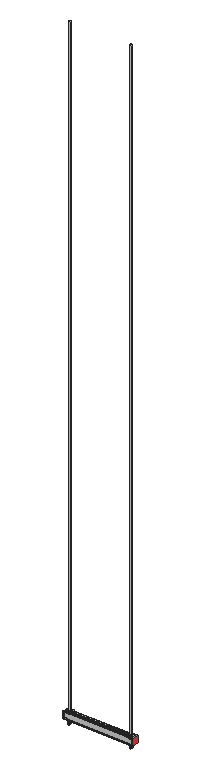
Revit family "NLRS_61_E_Cable Tray Support_Hanging Rail_CVL", category Generic Models, Revit 2023
Family settings
  Can host rebar = No
  Round Connector Dimension = Use Diameter
  Part Type = Normal
  Work Plane-Based = No
  Always vertical = Yes
  Cut with Voids When Loaded = No
  Maintain Annotation Orientation = No
  Shared = No
  Room Calculation Point = No
Parameters
  WIDTH [instance] = TRAY_W + LEFT_GAP + RIGHT_GAP  # 400 mm
  Uni_LENGTH [instance] = TRAY_W + LEFT_GAP + RIGHT_GAP + 50 mm  # 450 mm
  TRAY_W [instance] = 300 mm
  ROD SIZE = ROD * 2  # 6 mm
  ROD CAP SIZE = ROD + 1 mm  # 4 mm
  ROD = 3 mm
  RIGHT_GAP [instance] = 50 mm
  LEVEL [instance] = 50 mm
  LEFT_GAP [instance] = 50 mm
  Default Elevation = 0 mm
  COLOR = U-채널
  CH_4_GAP [instance] = 300 mm
  CH_4 [instance] = no
  CH_3_GAP [instance] = 300 mm
  CH_3 [instance] = no
  CH_2_GAP [instance] = 300 mm
  CH_2 [instance] = no
  CAP = CH_CAP
  Anchor Elevation [instance] = 4000 mm
Reference planes
  plane 1 "Center (Front/Back)": y = 0
  plane 2: z = 0
  plane 3 "Center (Left/Right)": x = 0
  plane 4: z = -50
  plane 5: z = 250
  plane 6: z = 550
  plane 7: z = 850
  plane 8: z = -120
  plane 9: z = 4000
  plane 10: x = -150
  plane 11: x = 150
  plane 12: x = 200
  plane 13: x = -200
Forms (mm)
  Extrusion 1, solid, detail levels medium+fine
    sketch origin (0, 0, 0) x (1, 0, 0) y (0, 1, 0)
      loop
        circle (200, 0) r 6
      loop
        circle (-200, 0) r 6
    from -120 to 4000
  Revolve 2, solid, material "CH_CAP" <- "CAP", detail levels medium+fine
    sketch origin (0, 0, 0) x (1, 0, 0) y (0, 0, 1)
      loop
        line (200, -109.67) -> (192.575, -109.67) -> (192.575, -119.67)
        arc (192.575, -119.67) -> (193.16, -121.084) -> (194.575, -121.67) r 2
        line (194.575, -121.67) -> (200, -121.67) -> (200, -109.67)
      axis (200, -109.67) -> (200, -121.67)
    angle from 0 to 360
  Revolve 3, solid, material "CH_CAP" <- "CAP", detail levels medium+fine
    sketch origin (0, 0, 0) x (-1, 0, 0) y (0, 0, 1)
      loop
        line (200, -109.67) -> (192.575, -109.67) -> (192.575, -119.67)
        arc (192.575, -119.67) -> (193.16, -121.084) -> (194.575, -121.67) r 2
        line (194.575, -121.67) -> (200, -121.67) -> (200, -109.67)
      axis (200, -109.67) -> (200, -121.67)
    angle from 0 to 360
  Extrusion 4, solid, not visible
    sketch origin (0, 0, 0) x (0, 1, 0) y (0, 0, 1)
      loop
        line (20.5, -50) -> (-20.5, -50) -> (-20.5, -91) -> (20.5, -91) -> (20.5, -50)
    from -150 to 150
Dimensions and locks
  "LEVEL": plane 2 to plane 4
  "CH_2_GAP": plane 5 to plane 4
  "CH_3_GAP": plane 6 to plane 5
  "CH_4_GAP": plane 7 to plane 6
  plane 2 to plane 8 = 120 mm
  "Anchor Elevation": plane 9 to plane 2
  equal spacing: plane 10, plane 3 "Center (Left/Right)", plane 11  (x2)
  "TRAY_W": plane 10 to plane 11
  "RIGHT_GAP": plane 11 to plane 12
  "LEFT_GAP": plane 10 to plane 13
  "TRAY_W": Extrusion 4 to Extrusion 4
  locked: Extrusion 4 to plane 10
  "ROD SIZE": radius of Extrusion 1 sketch curve  (x2)
  aligned and locked: level to plane 2
  aligned and locked: nested 1 to plane 3 "Center (Left/Right)"
  aligned and locked: plane 4 to nested 1
  aligned and locked: nested 1 to plane 4
  aligned and locked: plane 1 "Center (Front/Back)" to Extrusion 1 sketch curve  (x2)
  aligned and locked: plane 12 to Extrusion 1 sketch curve
  aligned and locked: Extrusion 1 to plane 9
  aligned and locked: plane 8 to Extrusion 1
  aligned and locked: plane 12 to Revolve 2 sketch curve
  aligned and locked: Revolve 2 sketch curve to plane 12
  aligned and locked: plane 13 to Extrusion 1 sketch curve
  aligned and locked: plane 9 to Extrusion 1
  aligned and locked: Extrusion 1 to plane 8
  aligned and locked: plane 13 to Revolve 3 sketch curve
  aligned and locked: plane 7 to nested 4  (x2)
  aligned and locked: plane 6 to nested 3  (x2)
  aligned and locked: plane 5 to nested 2  (x2)
  aligned and locked: plane 1 "Center (Front/Back)" to nested 5
  aligned and locked: plane 3 "Center (Left/Right)" to nested 5
Automatic sketch dimensions
  Revolve 2 sketch curve to plane 8 = 0.33 mm
  Revolve 2 sketch curve to plane 12 = 5.425 mm
  Revolve 2 sketch curve to Revolve 2 sketch curve = 2 mm
  Revolve 2 sketch curve to plane 8 = 10.33 mm
  Revolve 2 sketch curve to Revolve 2 sketch curve = 9.122 mm
  Revolve 2 sketch curve to Revolve 2 sketch curve = 6.835 mm
  plane 13 to Revolve 3 sketch curve = 0 mm
  plane 8 to Revolve 3 sketch curve = 0.33 mm
  plane 13 to Revolve 3 sketch curve = 5.425 mm
  Revolve 3 sketch curve to Revolve 3 sketch curve = 2 mm
  plane 8 to Revolve 3 sketch curve = 10.33 mm
  Revolve 3 sketch curve to Revolve 3 sketch curve = 9.122 mm
  Revolve 3 sketch curve to Revolve 3 sketch curve = 6.835 mm
  plane 4 to Extrusion 4 sketch curve = 0 mm
  plane 1 "Center (Front/Back)" to Extrusion 4 sketch curve = 20.5 mm
  Extrusion 4 sketch curve to plane 1 "Center (Front/Back)" = 20.5 mm
  Extrusion 4 sketch curve to plane 8 = 29 mm
Nested families
  nested 1: "Unistructure 41x41" at (0, 0, -50), type "표준", detail levels fine
    with Uni Length 450 mm, built-in parameter 1140111 0.0085302 (stored number, unit not read)
  nested 2: "Unistructure 41x41" at (0, 0, 250), visible <- "CH_2", type "표준", detail levels fine
    with Uni Length 450 mm, built-in parameter 1140111 0.0085302 (stored number, unit not read)
  nested 3: "Unistructure 41x41" at (0, 0, 550), visible <- "CH_3", type "표준", detail levels fine
    with Uni Length 450 mm, built-in parameter 1140111 0.0085302 (stored number, unit not read)
  nested 4: "Unistructure 41x41" at (0, 0, 850), visible <- "CH_4", type "표준", detail levels fine
    with Uni Length 450 mm, built-in parameter 1140111 0.0085302 (stored number, unit not read)
  nested 5: "Anchor Point" at (0, 0, 0), Width <- "TRAY_W", type "Standard"
    with Width 300 mm, Set Point 10 mm
Definition of nested family "Unistructure 41x41"
  Parameters (values of type "표준")
    Uni Length [instance] = TRAY W + Left_Gap + Right_Gap + 50 mm  # 450 mm
    ROD SIZE = 4 mm
    Left_Gap = 50 mm
    U_W = 41 mm
    U_ H = 41 mm
    U-채널 = none
    Right_Gap = 50 mm
    TRAY W = 300 mm
    built-in parameter 1140111 [instance] = 0.0085302 (stored number, unit not read)
    U-CHNNEL W = 450 mm
    Default Elevation = 0 mm
    CAP COLOR = none
  Reference planes
    plane 1 "중심(앞/뒤)": y = 0
    plane 2: z = 0
    plane 3 "중심(왼쪽/오른쪽)": x = 0
    plane 4: x = 200
    plane 5: x = -200
    plane 6: y = 20.5
    plane 7: y = -20.5
    plane 8: x = 225
    plane 9: x = -225
    plane 10: z = -41
    plane 11: x = -210
    plane 12: x = -190
    plane 13: x = 210
    plane 14: x = 190
    plane 15: x = -228
    plane 16: x = 228
    plane 17: x = 150
    plane 18: x = -150
  Forms (mm)
    Sweep 1, solid, material <- "U-채널", detail levels fine
      path origin (0, 0, 0) x (1, 0, 0) y (0, 1, 0)
        loop
          line (-225, 0) -> (225, 0)
      profile origin (0, 0, 0) x (0, 1, 0) y (0, 0, 1)
        loop
          arc (-17.9, 0) -> (-19.738, -0.762) -> (-20.5, -2.6) r 2.6
          line (-20.5, -2.6) -> (-20.5, -38.4)
          arc (-20.5, -38.4) -> (-19.738, -40.238) -> (-17.9, -41) r 2.6
          line (-17.9, -41) -> (17.9, -41)
          arc (17.9, -41) -> (19.738, -40.238) -> (20.5, -38.4) r 2.6
          line (20.5, -38.4) -> (20.5, -2.6)
          arc (20.5, -2.6) -> (19.738, -0.762) -> (17.9, 0) r 2.6
          line (17.9, 0) -> (12.611, 0)
          arc (12.611, 0) -> (10.772, -0.762) -> (10.011, -2.6) r 2.6
          line (10.011, -2.6) -> (10.011, -6.871) -> (12.9, -6.871) -> (12.9, -2.6) -> (17.9, -2.6) -> (17.9, -38.4) -> (-17.9, -38.4) -> (-17.9, -2.6) -> (-12.9, -2.6) -> (-12.9, -6.871) -> (-10.011, -6.871) -> (-10.011, -2.6)
          arc (-10.011, -2.6) -> (-10.772, -0.762) -> (-12.611, 0) r 2.6
          line (-12.611, 0) -> (-17.9, 0)
    Extrusion 2, void
      sketch origin (0, -0.352, 0) x (1, 0, 0) y (0, 1, 0)
        loop
          arc (-204.575, 5.857) -> (-210.06, 0.373) -> (-204.575, -5.112) r 5.485
          line (-204.575, -5.112) -> (-195.443, -5.112)
          arc (-195.443, -5.112) -> (-189.958, 0.373) -> (-195.443, 5.857) r 5.485
          line (-195.443, 5.857) -> (-204.575, 5.857)
      from -40 to -37.4
    Extrusion 3, void
      sketch origin (0, 0.078, 0) x (1, 0, 0) y (0, 1, 0)
        loop
          arc (196.031, 5.859) -> (190.076, -0.096) -> (196.031, -6.052) r 5.955
          line (196.031, -6.052) -> (203.959, -6.052)
          arc (203.959, -6.052) -> (209.914, -0.096) -> (203.959, 5.859) r 5.955
          line (203.959, 5.859) -> (196.031, 5.859)
      from -40 to -37.4
    Extrusion 4, solid, material <- "U-채널", detail levels fine
      sketch origin (0, 0, 0) x (1, 0, 0) y (0, 1, 0)
        loop
          line (-225, 20.5) -> (-225, -20.5) -> (-190, -20.5) -> (-190, 20.5) -> (-225, 20.5)
      from 0 to 2.6
    Extrusion 5, solid, material <- "U-채널", detail levels fine
      sketch origin (0, 0, 0) x (1, 0, 0) y (0, 1, 0)
        loop
          line (190, 20.5) -> (190, -20.5) -> (225, -20.5) -> (225, 20.5) -> (190, 20.5)
      from 0 to 2.6
    Extrusion 6, solid, material <- "CAP COLOR", detail levels fine
      sketch origin (0, 0, 0) x (0, 1, 0) y (0, 0, 1)
        loop
          arc (-17.9, 0) -> (-19.738, -0.762) -> (-20.5, -2.6) r 2.6
          line (-20.5, -2.6) -> (-20.5, -38.4)
          arc (-20.5, -38.4) -> (-19.738, -40.238) -> (-17.9, -41) r 2.6
          line (-17.9, -41) -> (17.9, -41)
          arc (17.9, -41) -> (19.738, -40.238) -> (20.5, -38.4) r 2.6
          line (20.5, -38.4) -> (20.5, -2.6)
          arc (20.5, -2.6) -> (19.738, -0.762) -> (17.9, 0) r 2.6
          line (17.9, 0) -> (-17.9, 0)
      from -225 to -228
    Extrusion 7, solid, material <- "CAP COLOR", detail levels fine
      sketch origin (0, 0, 0) x (0, 1, 0) y (0, 0, 1)
        loop
          line (17.9, 0) -> (-17.9, 0)
          arc (-17.9, 0) -> (-19.738, -0.762) -> (-20.5, -2.6) r 2.6
          line (-20.5, -2.6) -> (-20.5, -38.4)
          arc (-20.5, -38.4) -> (-19.738, -40.238) -> (-17.9, -41) r 2.6
          line (-17.9, -41) -> (17.9, -41)
          arc (17.9, -41) -> (19.738, -40.238) -> (20.5, -38.4) r 2.6
          line (20.5, -38.4) -> (20.5, -2.6)
          arc (20.5, -2.6) -> (19.738, -0.762) -> (17.9, 0) r 2.6
      from 228 to 225
    Extrusion 8, solid, material <- "U-채널", detail levels medium+fine
      sketch origin (0, 0, 0) x (1, 0, 0) y (0, 1, 0)
        loop
          circle (-200, 0) r 8
      from -40 to -42
    Extrusion 9, solid, material <- "U-채널", detail levels medium+fine
      sketch origin (0, 0, 0) x (1, 0, 0) y (0, 1, 0)
        loop
          circle (200, 0) r 8
      from -40 to -42
    Extrusion 10, solid, material <- "U-채널", detail levels medium+fine
      sketch origin (0, 0, 0) x (1, 0, 0) y (0, 1, 0)
        loop
          line (-192, 0) -> (-194.343, 5.657) -> (-200, 8) -> (-205.657, 5.657) -> (-208, 0) -> (-205.657, -5.657) -> (-200, -8) -> (-194.343, -5.657) -> (-192, 0)
      from -42 to -48
    Extrusion 11, solid, material <- "U-채널", detail levels medium+fine
      sketch origin (0, 0, 0) x (1, 0, 0) y (0, 1, 0)
        loop
          line (208, 0) -> (205.657, 5.657) -> (200, 8) -> (194.343, 5.657) -> (192, 0) -> (194.343, -5.657) -> (200, -8) -> (205.657, -5.657) -> (208, 0)
      from -42 to -48
    Extrusion 12, void
      sketch origin (0, 0, 0) x (1, 0, 0) y (0, 1, 0)
        loop
          circle (-200, 0) r 6
      from -40 to -48
    Extrusion 13, void
      sketch origin (0, 0, 0) x (1, 0, 0) y (0, 1, 0)
        loop
          circle (200, 0) r 6
      from -40 to -48
    Extrusion 14, solid, material <- "U-채널", detail levels medium+fine
      sketch origin (0, 0, 0) x (1, 0, 0) y (0, 1, 0)
        loop
          circle (-200, 0) r 8
      from 2.6 to 4.6
    Extrusion 15, solid, material <- "U-채널", detail levels medium+fine
      sketch origin (0, 0, 0) x (1, 0, 0) y (0, 1, 0)
        loop
          circle (200, 0) r 8
      from 2.6 to 4.6
    Extrusion 16, solid, material <- "U-채널", detail levels medium+fine
      sketch origin (0, 0, 0) x (1, 0, 0) y (0, 1, 0)
        loop
          line (-192, 0) -> (-194.343, 5.657) -> (-200, 8) -> (-205.657, 5.657) -> (-208, 0) -> (-205.657, -5.657) -> (-200, -8) -> (-194.343, -5.657) -> (-192, 0)
      from 4.6 to 10.6
    Extrusion 17, solid, material <- "U-채널", detail levels medium+fine
      sketch origin (0, 0, 0) x (1, 0, 0) y (0, 1, 0)
        loop
          line (208, 0) -> (205.657, 5.657) -> (200, 8) -> (194.343, 5.657) -> (192, 0) -> (194.343, -5.657) -> (200, -8) -> (205.657, -5.657) -> (208, 0)
      from 4.6 to 10.6
    Extrusion 18, void
      sketch origin (0, 0, 0) x (1, 0, 0) y (0, 1, 0)
        loop
          circle (-200, 0) r 6
      from 0 to 10.6
    Extrusion 19, void
      sketch origin (0, 0, 0) x (1, 0, 0) y (0, 1, 0)
        loop
          circle (200, 0) r 6
      from 0 to 10.6
    Extrusion 20, solid, detail levels medium
      sketch origin (0, 0, 0) x (1, 0, 0) y (0, 1, 0)
        loop
          line (-225, 20.5) -> (-225, -20.5) -> (225, -20.5) -> (225, 20.5) -> (-225, 20.5)
      from -41 to 0
  Cuts and joins
    Extrusion 12 cuts Extrusion 8
    Extrusion 12 cuts Extrusion 10
    Extrusion 13 cuts Extrusion 9
    Extrusion 13 cuts Extrusion 11
    Extrusion 18 cuts Extrusion 4
    Extrusion 18 cuts Extrusion 14
    Extrusion 18 cuts Extrusion 16
    Extrusion 19 cuts Extrusion 5
    Extrusion 19 cuts Extrusion 15
    Extrusion 19 cuts Extrusion 17
  Lines and regions (mm)
    model lines, detail levels coarse
      curve 1: line (0, 20.5, 0) -> (0, -20.5, 0)
  Dimensions and locks
    locked: plane 4 to plane 8 at 25
    locked: plane 9 to plane 5 at 25
    equal spacing: plane 6, plane 1 "중심(앞/뒤)", plane 7
    "U_W": plane 6 to plane 7
    "U_ H": level to plane 10
    equal spacing: plane 11, plane 5, plane 12
    plane 11 to plane 12 = 20 mm
    equal spacing: plane 14, plane 4, plane 13
    plane 14 to plane 13 = 20 mm
    locked: plane 9 to plane 15 at 3
    locked: plane 16 to plane 8 at 3
    "Left_Gap": plane 5 to plane 18
    "Right_Gap": plane 17 to plane 4
    equal spacing: plane 18, plane 3 "중심(왼쪽/오른쪽)", plane 17
    "TRAY W": plane 18 to plane 17
    locked: cut or joined group of Extrusion 10, Extrusion 12 to plane 5 at 8
    locked: plane 4 to cut or joined group of Extrusion 11, Extrusion 13 at 8
    locked: cut or joined group of Extrusion 16, Extrusion 18 to plane 5 at 8
    locked: cut or joined group of Extrusion 17, Extrusion 19 to plane 4 at 8
    aligned and locked: plane 9 to Sweep 1 sketch curve
    aligned and locked: plane 1 "중심(앞/뒤)" to Sweep 1 sketch curve
    aligned and locked: Sweep 1 sketch curve to profile plane
    aligned and locked: plane 7 to Sweep 1 sketch curve
    aligned and locked: plane 10 to Sweep 1 sketch curve
    aligned and locked: Sweep 1 sketch curve to plane 6
    aligned and locked: plane 7 to Extrusion 4 sketch curve
    aligned and locked: Extrusion 4 sketch curve to plane 12
    aligned and locked: Extrusion 5 sketch curve to plane 6
    aligned and locked: plane 14 to Extrusion 5 sketch curve
    aligned and locked: plane 10 to Extrusion 6 sketch curve
    aligned and locked: Extrusion 6 sketch curve to plane 6
    aligned and locked: plane 9 to Extrusion 6
    aligned and locked: plane 15 to Extrusion 6
    aligned and locked: Extrusion 7 sketch curve to plane 10
    aligned and locked: Extrusion 7 sketch curve to plane 7
    aligned and locked: Extrusion 7 to plane 8
    aligned and locked: plane 16 to Extrusion 7
    aligned and locked: Extrusion 16 to cut or joined group of Extrusion 14, Extrusion 18
    aligned and locked: Extrusion 10 to cut or joined group of Extrusion 8, Extrusion 12
    aligned and locked: Extrusion 17 to cut or joined group of Extrusion 15, Extrusion 19
    aligned and locked: Extrusion 11 to cut or joined group of Extrusion 9, Extrusion 13
    aligned and locked: plane 6 to curve 1
    aligned and locked: plane 7 to curve 1
    aligned and locked: curve 1 to plane 3 "중심(왼쪽/오른쪽)"
    aligned and locked: Extrusion 20 to plane 9
    aligned and locked: Extrusion 20 to plane 10
    aligned and locked: plane 2 to Extrusion 20
    aligned and locked: plane 8 to Extrusion 20
  Automatic sketch dimensions
    Sweep 1 sketch curve to plane 8 = 0 mm
    Sweep 1 sketch curve to level = 0 mm
    Sweep 1 sketch curve to level = 2.6 mm
    Sweep 1 sketch curve to Sweep 1 sketch curve = 0 mm  (x10)
    Sweep 1 sketch curve to Sweep 1 sketch curve = 5 mm  (x2)
    Sweep 1 sketch curve to Sweep 1 sketch curve = 0.289 mm  (x2)
    Sweep 1 sketch curve to Sweep 1 sketch curve = 4.271 mm  (x2)
    Extrusion 2 sketch curve to plane 1 "중심(앞/뒤)" = 0.021 mm
    Extrusion 2 sketch curve to plane 5 = 4.575 mm
    Extrusion 2 sketch curve to plane 12 = 5.443 mm
    Extrusion 2 sketch curve to Extrusion 2 sketch curve = 5.485 mm
    plane 1 "중심(앞/뒤)" to Extrusion 3 sketch curve = 0.018 mm
    Extrusion 3 sketch curve to plane 4 = 3.969 mm
    Extrusion 3 sketch curve to plane 13 = 6.041 mm
    Extrusion 3 sketch curve to Extrusion 3 sketch curve = 5.955 mm
    plane 7 to Extrusion 6 sketch curve = 2.6 mm
    Extrusion 6 sketch curve to level = 2.6 mm
    Extrusion 6 sketch curve to plane 6 = 2.6 mm  (x2)
    Extrusion 7 sketch curve to level = 2.6 mm  (x2)
    plane 7 to Extrusion 7 sketch curve = 2.6 mm
    Extrusion 7 sketch curve to plane 6 = 2.6 mm
    plane 10 to Extrusion 7 sketch curve = 2.6 mm
    Extrusion 6 sketch curve to plane 7 = 0 mm
    Extrusion 6 sketch curve to level = 0 mm
    Extrusion 7 sketch curve to level = 0 mm
    Extrusion 7 sketch curve to plane 6 = 0 mm
    plane 1 "중심(앞/뒤)" to Extrusion 8 sketch curve = 0 mm
    Extrusion 8 sketch curve to plane 5 = 0 mm
    plane 1 "중심(앞/뒤)" to Extrusion 9 sketch curve = 0 mm
    Extrusion 9 sketch curve to plane 4 = 0 mm
    plane 1 "중심(앞/뒤)" to Extrusion 12 sketch curve = 0 mm
    Extrusion 12 sketch curve to plane 5 = 0 mm
    plane 1 "중심(앞/뒤)" to Extrusion 13 sketch curve = 0 mm
    Extrusion 13 sketch curve to plane 4 = 0 mm
    plane 1 "중심(앞/뒤)" to Extrusion 14 sketch curve = 0 mm
    Extrusion 14 sketch curve to plane 5 = 0 mm
    plane 1 "중심(앞/뒤)" to Extrusion 15 sketch curve = 0 mm
    Extrusion 15 sketch curve to plane 4 = 0 mm
    plane 1 "중심(앞/뒤)" to Extrusion 18 sketch curve = 0 mm
    Extrusion 18 sketch curve to plane 5 = 0 mm
    plane 1 "중심(앞/뒤)" to Extrusion 19 sketch curve = 0 mm
    Extrusion 19 sketch curve to plane 4 = 0 mm
    Extrusion 20 sketch curve to plane 7 = 0 mm
    Extrusion 20 sketch curve to plane 6 = 0 mm
    plane 16 to Extrusion 20 sketch curve = 453 mm
    Extrusion 20 sketch curve to Extrusion 20 sketch curve = 450 mm
    Extrusion 4 sketch curve to plane 9 = 0 mm
    Extrusion 4 sketch curve to plane 6 = 0 mm
    Extrusion 5 sketch curve to plane 7 = 0 mm
    Extrusion 5 sketch curve to plane 8 = 0 mm
    radius of Extrusion 8 sketch curve = 8 mm
    radius of Extrusion 9 sketch curve = 8 mm
    radius of Extrusion 12 sketch curve = 6 mm
    radius of Extrusion 13 sketch curve = 6 mm
    radius of Extrusion 14 sketch curve = 8 mm
    radius of Extrusion 15 sketch curve = 8 mm
    radius of Extrusion 18 sketch curve = 6 mm
    radius of Extrusion 19 sketch curve = 6 mm
Definition of nested family "Anchor Point"
  Parameters (values of type "Standard")
    Width [instance] = 300 mm
    Set Point [instance] = 8 mm
  Reference planes
    plane 1 "Center (Front/Back)": y = 0
    plane 2: z = 0
    plane 3 "Center (Left/Right)": x = 0
    plane 4: x = -200
    plane 5: x = 200
    plane 6: x = 225
    plane 7: x = -225
    plane 8: x = -150
    plane 9: x = 150
    plane 10: y = 25
    plane 11: y = -25
  Lines and regions (mm)
    detail lines, in view "Ref. Level"
      curve 1: line (-225, 0, 0) -> (225, 0, 0)
      curve 2: circle (200, 0, 0) r 8 normal (0, 0, 1)
      curve 3: circle (-200, 0, 0) r 8 normal (0, 0, 1)
      curve 4: line (200, -25, 0) -> (200, 25, 0)
      curve 5: line (-200, -25, 0) -> (-200, 25, 0)
  Dimensions and locks
    plane 5 to plane 6 = 25 mm
    plane 7 to plane 4 = 25 mm
    plane 4 to plane 8 = 50 mm
    plane 9 to plane 5 = 50 mm
    equal spacing: plane 8, plane 3 "Center (Left/Right)", plane 9
    "Width": plane 8 to plane 9
    "Set Point": radius of curve 2
    "Set Point": radius of curve 3
    aligned and locked: plane 1 "Center (Front/Back)" to curve 1
    aligned and locked: plane 6 to curve 1
    aligned and locked: plane 7 to curve 1
    aligned and locked: plane 11 to curve 4
    aligned and locked: plane 10 to curve 4
    aligned and locked: curve 4 to plane 5
    aligned and locked: plane 11 to curve 5
    aligned and locked: plane 10 to curve 5
    aligned and locked: plane 4 to curve 5
  Automatic sketch dimensions
    plane 1 "Center (Front/Back)" to curve 3 = 0 mm
    curve 3 to plane 4 = 0 mm
    plane 1 "Center (Front/Back)" to curve 2 = 0 mm
    curve 2 to plane 5 = 0 mm
